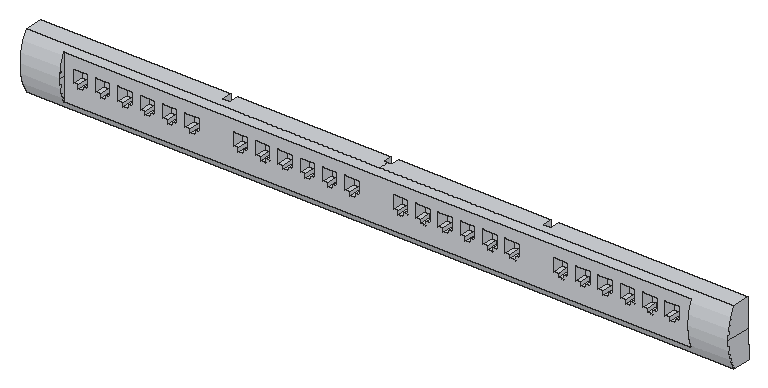
Revit family
Parameters
  Material ID = "760150144"
  Description = "SYSTIMAX 360 Evolve High Density F/UTP Modular Panel, 24 port\r\n360 11 00GS3 24 Port Patch Panel\r\n360 1100GS3 24 PORT PATCH PANEL"
Reference planes (in)
  plane 1 "Center (Front/Back)": y = 0
  plane 2: z = 0
  plane 3 "Center (Left/Right)": x = 0
Forms (in)
  Extrusion 1, solid
    sketch origin (0, 0, 0) x (1, 0, 0) y (0, 0, 1)
      loop
        line (0, 0.75218) -> (-9.5, 0.75218) -> (-9.5, 0.00218) -> (-9.5, -0.75218) -> (0, -0.75218) -> (9.5, -0.75218) -> (9.5, 0) -> (9.5, 0.75218) -> (0, 0.75218)
    from 0 to 2.5
  Extrusion 2, void, not visible
    sketch origin (0, 0, 0) x (1, 0, 0) y (0, 0, 1)
      loop
        line (-7.85662, 0.48089) -> (-7.85662, -0.39002) -> (-7.67285, -0.39002) -> (-7.67285, -0.64002) -> (-7.0736, -0.64002) -> (-7.0736, -0.39002) -> (-6.92978, -0.39002) -> (-6.92978, 0.48089) -> (-7.85662, 0.48089)
    from -3.79215 to 12
  Extrusion 3, void
    sketch origin (0, 0, 0) x (1, 0, 0) y (0, 0, 1)
      loop
        line (-8.19397, 0.28004) -> (-8.19397, -0.07417) -> (-8.06657, -0.07417) -> (-8.06657, -0.16337) -> (-7.91657, -0.16337) -> (-7.91657, -0.07417) -> (-7.80497, -0.07417) -> (-7.80497, 0.28004) -> (-8.19397, 0.28004)
    from 0.25637 to 5.60437
  Extrusion 4, void, not visible
    sketch origin (0, 0, 0) x (1, 0, 0) y (0, 0, 1)
      loop
        line (-8.21397, 0.42583) -> (-8.21397, -0.07417) -> (-8.08657, -0.07417) -> (-8.08657, -0.27417) -> (-7.83657, -0.27417) -> (-7.83657, -0.07417) -> (-7.72497, -0.07417) -> (-7.72497, 0.42583) -> (-8.21397, 0.42583)
    from 0.74059 to 3.34334
  Extrusion 5, void
    sketch origin (0, 0, 0) x (1, 0, 0) y (0, 0, 1)
      loop
        line (4.40826, 1.75) -> (4.20826, 1.75) -> (4.20826, -1.75) -> (4.40826, -1.75) -> (4.40826, 1.75)
    from 0 to 0.25637
  Extrusion 6, void
    sketch origin (-4.29969, 0, 0) x (1, 0, 0) y (0, 0, 1)
      loop
        line (4.40826, 1.75) -> (4.20826, 1.75) -> (4.20826, -1.75) -> (4.40826, -1.75) -> (4.40826, 1.75)
    from 0 to 0.21551
  Extrusion 7, void
    sketch origin (-8.6195, 0, 0) x (1, 0, 0) y (0, 0, 1)
      loop
        line (4.40826, 1.75) -> (4.20826, 1.75) -> (4.20826, -1.75) -> (4.40826, -1.75) -> (4.40826, 1.75)
    from 0 to 0.25637
  Extrusion 8, void
    sketch origin (0, 0, 0) x (0, 1, 0) y (0, 0, 1)
      loop
        line (-0.3725, 0.92313) -> (-2.87402, 0.92313) -> (-2.80422, -1.07565) -> (-0.23373, -1.07565)
        arc (-0.23373, -1.07565) -> (-0.68972, -0.1031) -> (-0.3725, 0.92313) r 1.48862
    from -13.91716 to 12
  Extrusion 9, void
    sketch origin (0.6, 0, 0) x (1, 0, 0) y (0, 0, 1)
      loop
        line (-8.19397, 0.28004) -> (-8.19397, -0.07417) -> (-8.06657, -0.07417) -> (-8.06657, -0.16337) -> (-7.91657, -0.16337) -> (-7.91657, -0.07417) -> (-7.80497, -0.07417) -> (-7.80497, 0.28004) -> (-8.19397, 0.28004)
    from 0.25637 to 5.60437
  Extrusion 10, void
    sketch origin (1.2, 0, 0) x (1, 0, 0) y (0, 0, 1)
      loop
        line (-8.19397, 0.28004) -> (-8.19397, -0.07417) -> (-8.06657, -0.07417) -> (-8.06657, -0.16337) -> (-7.91657, -0.16337) -> (-7.91657, -0.07417) -> (-7.80497, -0.07417) -> (-7.80497, 0.28004) -> (-8.19397, 0.28004)
    from 0.25637 to 5.60437
  Extrusion 11, void
    sketch origin (1.8, 0, 0) x (1, 0, 0) y (0, 0, 1)
      loop
        line (-8.19397, 0.28004) -> (-8.19397, -0.07417) -> (-8.06657, -0.07417) -> (-8.06657, -0.16337) -> (-7.91657, -0.16337) -> (-7.91657, -0.07417) -> (-7.80497, -0.07417) -> (-7.80497, 0.28004) -> (-8.19397, 0.28004)
    from 0.25637 to 5.60437
  Extrusion 12, void
    sketch origin (2.4, 0, 0) x (1, 0, 0) y (0, 0, 1)
      loop
        line (-8.19397, 0.28004) -> (-8.19397, -0.07417) -> (-8.06657, -0.07417) -> (-8.06657, -0.16337) -> (-7.91657, -0.16337) -> (-7.91657, -0.07417) -> (-7.80497, -0.07417) -> (-7.80497, 0.28004) -> (-8.19397, 0.28004)
    from 0.25637 to 5.60437
  Extrusion 13, void
    sketch origin (3, 0, 0) x (1, 0, 0) y (0, 0, 1)
      loop
        line (-8.19397, 0.28004) -> (-8.19397, -0.07417) -> (-8.06657, -0.07417) -> (-8.06657, -0.16337) -> (-7.91657, -0.16337) -> (-7.91657, -0.07417) -> (-7.80497, -0.07417) -> (-7.80497, 0.28004) -> (-8.19397, 0.28004)
    from 0.25637 to 5.60437
  Extrusion 14, void, not visible
    sketch origin (0, 0, 0) x (1, 0, 0) y (0, 0, 1)
      loop
        line (-8.19397, 0.28004) -> (-8.19397, -0.07417) -> (-8.06657, -0.07417) -> (-8.06657, -0.16337) -> (-7.91657, -0.16337) -> (-7.91657, -0.07417) -> (-7.80497, -0.07417) -> (-7.80497, 0.28004) -> (-8.19397, 0.28004)
    from 0.25637 to 5.60437
  Extrusion 15, void
    sketch origin (4.3, 0, 0) x (1, 0, 0) y (0, 0, 1)
      loop
        line (-8.19397, 0.28004) -> (-8.19397, -0.07417) -> (-8.06657, -0.07417) -> (-8.06657, -0.16337) -> (-7.91657, -0.16337) -> (-7.91657, -0.07417) -> (-7.80497, -0.07417) -> (-7.80497, 0.28004) -> (-8.19397, 0.28004)
    from 0.25637 to 5.60437
  Extrusion 16, void
    sketch origin (4.9, 0, 0) x (1, 0, 0) y (0, 0, 1)
      loop
        line (-8.19397, 0.28004) -> (-8.19397, -0.07417) -> (-8.06657, -0.07417) -> (-8.06657, -0.16337) -> (-7.91657, -0.16337) -> (-7.91657, -0.07417) -> (-7.80497, -0.07417) -> (-7.80497, 0.28004) -> (-8.19397, 0.28004)
    from 0.25637 to 5.60437
  Extrusion 17, void
    sketch origin (5.5, 0, 0) x (1, 0, 0) y (0, 0, 1)
      loop
        line (-8.19397, 0.28004) -> (-8.19397, -0.07417) -> (-8.06657, -0.07417) -> (-8.06657, -0.16337) -> (-7.91657, -0.16337) -> (-7.91657, -0.07417) -> (-7.80497, -0.07417) -> (-7.80497, 0.28004) -> (-8.19397, 0.28004)
    from 0.25637 to 5.60437
  Extrusion 18, void
    sketch origin (6.1, 0, 0) x (1, 0, 0) y (0, 0, 1)
      loop
        line (-8.19397, 0.28004) -> (-8.19397, -0.07417) -> (-8.06657, -0.07417) -> (-8.06657, -0.16337) -> (-7.91657, -0.16337) -> (-7.91657, -0.07417) -> (-7.80497, -0.07417) -> (-7.80497, 0.28004) -> (-8.19397, 0.28004)
    from 0.25637 to 5.60437
  Extrusion 19, void
    sketch origin (6.7, 0, 0) x (1, 0, 0) y (0, 0, 1)
      loop
        line (-8.19397, 0.28004) -> (-8.19397, -0.07417) -> (-8.06657, -0.07417) -> (-8.06657, -0.16337) -> (-7.91657, -0.16337) -> (-7.91657, -0.07417) -> (-7.80497, -0.07417) -> (-7.80497, 0.28004) -> (-8.19397, 0.28004)
    from 0.25637 to 5.60437
  Extrusion 20, void
    sketch origin (7.3, 0, 0) x (1, 0, 0) y (0, 0, 1)
      loop
        line (-8.19397, 0.28004) -> (-8.19397, -0.07417) -> (-8.06657, -0.07417) -> (-8.06657, -0.16337) -> (-7.91657, -0.16337) -> (-7.91657, -0.07417) -> (-7.80497, -0.07417) -> (-7.80497, 0.28004) -> (-8.19397, 0.28004)
    from 0.25637 to 5.60437
  Extrusion 21, void
    sketch origin (8.6, 0, 0) x (1, 0, 0) y (0, 0, 1)
      loop
        line (-8.19397, 0.28004) -> (-8.19397, -0.07417) -> (-8.06657, -0.07417) -> (-8.06657, -0.16337) -> (-7.91657, -0.16337) -> (-7.91657, -0.07417) -> (-7.80497, -0.07417) -> (-7.80497, 0.28004) -> (-8.19397, 0.28004)
    from 0.25637 to 5.60437
  Extrusion 22, void
    sketch origin (9.2, 0, 0) x (1, 0, 0) y (0, 0, 1)
      loop
        line (-8.19397, 0.28004) -> (-8.19397, -0.07417) -> (-8.06657, -0.07417) -> (-8.06657, -0.16337) -> (-7.91657, -0.16337) -> (-7.91657, -0.07417) -> (-7.80497, -0.07417) -> (-7.80497, 0.28004) -> (-8.19397, 0.28004)
    from 0.25637 to 5.60437
  Extrusion 23, void
    sketch origin (9.8, 0, 0) x (1, 0, 0) y (0, 0, 1)
      loop
        line (-8.19397, 0.28004) -> (-8.19397, -0.07417) -> (-8.06657, -0.07417) -> (-8.06657, -0.16337) -> (-7.91657, -0.16337) -> (-7.91657, -0.07417) -> (-7.80497, -0.07417) -> (-7.80497, 0.28004) -> (-8.19397, 0.28004)
    from 0.25637 to 5.60437
  Extrusion 24, void
    sketch origin (10.4, 0, 0) x (1, 0, 0) y (0, 0, 1)
      loop
        line (-8.19397, 0.28004) -> (-8.19397, -0.07417) -> (-8.06657, -0.07417) -> (-8.06657, -0.16337) -> (-7.91657, -0.16337) -> (-7.91657, -0.07417) -> (-7.80497, -0.07417) -> (-7.80497, 0.28004) -> (-8.19397, 0.28004)
    from 0.25637 to 5.60437
  Extrusion 25, void
    sketch origin (11, 0, 0) x (1, 0, 0) y (0, 0, 1)
      loop
        line (-8.19397, 0.28004) -> (-8.19397, -0.07417) -> (-8.06657, -0.07417) -> (-8.06657, -0.16337) -> (-7.91657, -0.16337) -> (-7.91657, -0.07417) -> (-7.80497, -0.07417) -> (-7.80497, 0.28004) -> (-8.19397, 0.28004)
    from 0.25637 to 5.60437
  Extrusion 26, void
    sketch origin (11.6, 0, 0) x (1, 0, 0) y (0, 0, 1)
      loop
        line (-8.19397, 0.28004) -> (-8.19397, -0.07417) -> (-8.06657, -0.07417) -> (-8.06657, -0.16337) -> (-7.91657, -0.16337) -> (-7.91657, -0.07417) -> (-7.80497, -0.07417) -> (-7.80497, 0.28004) -> (-8.19397, 0.28004)
    from 0.25637 to 5.60437
  Extrusion 27, void
    sketch origin (12.9, 0, 0) x (1, 0, 0) y (0, 0, 1)
      loop
        line (-8.19397, 0.28004) -> (-8.19397, -0.07417) -> (-8.06657, -0.07417) -> (-8.06657, -0.16337) -> (-7.91657, -0.16337) -> (-7.91657, -0.07417) -> (-7.80497, -0.07417) -> (-7.80497, 0.28004) -> (-8.19397, 0.28004)
    from 0.25637 to 5.60437
  Extrusion 28, void
    sketch origin (13.5, 0, 0) x (1, 0, 0) y (0, 0, 1)
      loop
        line (-8.19397, 0.28004) -> (-8.19397, -0.07417) -> (-8.06657, -0.07417) -> (-8.06657, -0.16337) -> (-7.91657, -0.16337) -> (-7.91657, -0.07417) -> (-7.80497, -0.07417) -> (-7.80497, 0.28004) -> (-8.19397, 0.28004)
    from 0.25637 to 5.60437
  Extrusion 29, void
    sketch origin (14.1, 0, 0) x (1, 0, 0) y (0, 0, 1)
      loop
        line (-8.19397, 0.28004) -> (-8.19397, -0.07417) -> (-8.06657, -0.07417) -> (-8.06657, -0.16337) -> (-7.91657, -0.16337) -> (-7.91657, -0.07417) -> (-7.80497, -0.07417) -> (-7.80497, 0.28004) -> (-8.19397, 0.28004)
    from 0.25637 to 5.60437
  Extrusion 30, void
    sketch origin (14.7, 0, 0) x (1, 0, 0) y (0, 0, 1)
      loop
        line (-8.19397, 0.28004) -> (-8.19397, -0.07417) -> (-8.06657, -0.07417) -> (-8.06657, -0.16337) -> (-7.91657, -0.16337) -> (-7.91657, -0.07417) -> (-7.80497, -0.07417) -> (-7.80497, 0.28004) -> (-8.19397, 0.28004)
    from 0.25637 to 5.60437
  Extrusion 31, void
    sketch origin (15.3, 0, 0) x (1, 0, 0) y (0, 0, 1)
      loop
        line (-8.19397, 0.28004) -> (-8.19397, -0.07417) -> (-8.06657, -0.07417) -> (-8.06657, -0.16337) -> (-7.91657, -0.16337) -> (-7.91657, -0.07417) -> (-7.80497, -0.07417) -> (-7.80497, 0.28004) -> (-8.19397, 0.28004)
    from 0.25637 to 5.60437
  Extrusion 32, void
    sketch origin (15.9, 0, 0) x (1, 0, 0) y (0, 0, 1)
      loop
        line (-8.19397, 0.28004) -> (-8.19397, -0.07417) -> (-8.06657, -0.07417) -> (-8.06657, -0.16337) -> (-7.91657, -0.16337) -> (-7.91657, -0.07417) -> (-7.80497, -0.07417) -> (-7.80497, 0.28004) -> (-8.19397, 0.28004)
    from 0.25637 to 5.60437
  Extrusion 33, void
    sketch origin (0, 0, 0) x (1, 0, 0) y (0, 0, 1)
      loop
        line (0, 0.59628) -> (-8.44, 0.59628) -> (-8.44, 0) -> (-8.44, -0.59628) -> (0, -0.59628) -> (8.44, -0.59628) -> (8.44, 0) -> (8.44, 0.59628) -> (0, 0.59628)
    from 0.54506 to 2.05637
  Extrusion 34, void
    sketch origin (0, 0, 0) x (1, 0, 0) y (0, 0, 1)
      loop
        arc (-9.09564, 0.1) -> (-9.19564, 0) -> (-9.09564, -0.1) r 0.1
        line (-9.09564, -0.1) -> (-8.93998, -0.1)
        arc (-8.93998, -0.1) -> (-8.83998, 0) -> (-8.93998, 0.1) r 0.1
        line (-8.93998, 0.1) -> (-9.09564, 0.1)
    from 0 to 0.32834
  Extrusion 35, void
    sketch origin (0, 0, 0.5) x (1, 0, 0) y (0, 0, 1)
      loop
        arc (-9.09564, 0.1) -> (-9.19564, 0) -> (-9.09564, -0.1) r 0.1
        line (-9.09564, -0.1) -> (-8.93998, -0.1)
        arc (-8.93998, -0.1) -> (-8.83998, 0) -> (-8.93998, 0.1) r 0.1
        line (-8.93998, 0.1) -> (-9.09564, 0.1)
    from 0 to 0.32834
  Extrusion 36, void
    sketch origin (0, 0, -0.5) x (1, 0, 0) y (0, 0, 1)
      loop
        line (-9.09564, -0.1) -> (-8.93998, -0.1)
        arc (-8.93998, -0.1) -> (-8.83998, 0) -> (-8.93998, 0.1) r 0.1
        line (-8.93998, 0.1) -> (-9.09564, 0.1)
        arc (-9.09564, 0.1) -> (-9.19564, 0) -> (-9.09564, -0.1) r 0.1
    from 0 to 0.32834
  Extrusion 37, void
    sketch origin (0, 0, 0) x (-1, 0, 0) y (0, 0, -1)
      loop
        line (-9.09564, -0.1) -> (-8.93998, -0.1)
        arc (-8.93998, -0.1) -> (-8.83998, 0) -> (-8.93998, 0.1) r 0.1
        line (-8.93998, 0.1) -> (-9.09564, 0.1)
        arc (-9.09564, 0.1) -> (-9.19564, 0) -> (-9.09564, -0.1) r 0.1
    from 0 to 0.32834
  Extrusion 38, void
    sketch origin (0, 0, 0.5) x (-1, 0, 0) y (0, 0, -1)
      loop
        line (-9.09564, -0.1) -> (-8.93998, -0.1)
        arc (-8.93998, -0.1) -> (-8.83998, 0) -> (-8.93998, 0.1) r 0.1
        line (-8.93998, 0.1) -> (-9.09564, 0.1)
        arc (-9.09564, 0.1) -> (-9.19564, 0) -> (-9.09564, -0.1) r 0.1
    from 0 to 0.32834
  Extrusion 39, void
    sketch origin (0, 0, -0.5) x (-1, 0, 0) y (0, 0, -1)
      loop
        arc (-9.09564, 0.1) -> (-9.19564, 0) -> (-9.09564, -0.1) r 0.1
        line (-9.09564, -0.1) -> (-8.93998, -0.1)
        arc (-8.93998, -0.1) -> (-8.83998, 0) -> (-8.93998, 0.1) r 0.1
        line (-8.93998, 0.1) -> (-9.09564, 0.1)
    from 0 to 0.32834
Cuts and joins
  Extrusion 3, Extrusion 5, Extrusion 6, Extrusion 7, Extrusion 8, Extrusion 9, Extrusion 10, Extrusion 11, Extrusion 12, Extrusion 13, Extrusion 15, Extrusion 16, Extrusion 17, Extrusion 18, Extrusion 19, Extrusion 20, Extrusion 21, Extrusion 22, Extrusion 23, Extrusion 24, Extrusion 25, Extrusion 26, Extrusion 27, Extrusion 28, Extrusion 29, Extrusion 30, Extrusion 31, Extrusion 32, Extrusion 33, Extrusion 34, Extrusion 35, Extrusion 36, Extrusion 37, Extrusion 38, Extrusion 39 cuts Extrusion 1
Dimensions and locks (in)
  equal spacing: group 3, group 4, group 5, group 6, group 7, group 8  (x3)
  equal spacing: group 11, group 12, group 13, group 14, group 15, group 16  (x3)
  equal spacing: group 9, group 17, group 24, group 31  (x3)
  equal spacing: group 18, group 19, group 20, group 21, group 22, group 23  (x3)
  equal spacing: group 25, group 26, group 27, group 28, group 29, group 30  (x3)
  aligned: level to Extrusion 1 sketch curve
  aligned and locked: plane 3 "Center (Left/Right)" to Extrusion 1 sketch curve
  aligned: plane 3 "Center (Left/Right)" to Extrusion 33 sketch curve
